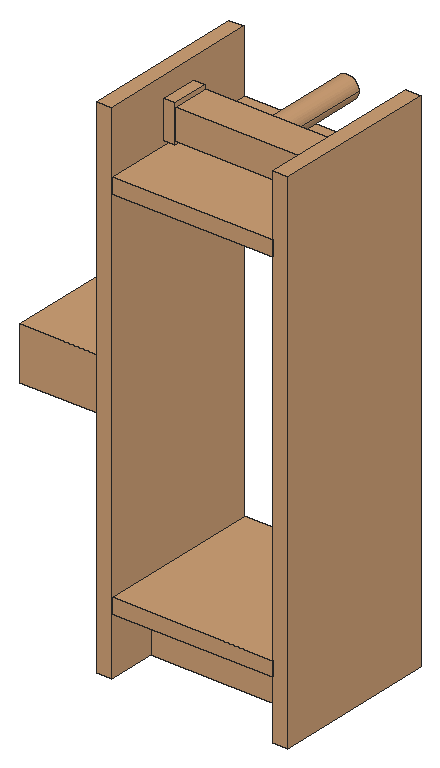
Revit family
Parameters
  Center Of Unit = 0' - 0"  # constant formula
  Water Pressure Drop [instance] = 0.00 psi
  Water Flow [instance] = 0 GPM
  Unit Weight (lbs) = 283
  URL = "http://www.ljwing.com/"
  Water Outlet Radius = 0' - 1 1/2"
  Water Outlet Odd sizes = 0' - 0"
  Total Heating Capacity [instance] = 0.0 Btu/h
  Temperature Rise [instance] = 0 °F
  Series = "VIFB"
  Outlet Area = 7.15 SF
  Number of Rows = 1  # constant formula
  Number of Coils [instance] = 0
  Nominal Length = 2' - 1 7/16"
  Model = "VC-2"
  Manufacturer = "LJ Wing"
  Leaving Water Temperature [instance] = 0 °F
  Leaving Air Temperature [instance] = 0 °F
  Face Velocity (FPM) [instance] = 0
  Entering Water Temperature [instance] = 0 °F
  Entering Air Temperature [instance] = 0 °F
  Description = "Vertical Integral Face & Bypass Water Heating Coils"
  Hot Water Odd Sizes = 0' - 0"
  Hot Water Inlet Offset = 0' - 4 3/8"  # constant formula
  Hot Water Inlet  Radius = 0' - 1 1/2"
  Coil Face Area = Outlet Area * 0.56  # 4.004 SF
  Casing Material = ""
  Assembly Code = "D3020300"
  Air Pressure Drop [instance] = 0.00 in-wg
  Air Inlet Width = Nominal Length - 0' 4"  # 1' - 9 7/16"
  Air Inlet Height = Y  # 4' - 0"
  Air Flow [instance] = 0 CFM
  Z = 0' - 3 3/4"
  Y = 4' - 0"
  S = 0' - 9 3/4"
  Product URL = "http://www.ljwing.com/html/vifb.asp"
  OmniClass = "23-75 70 21 14"
  Nominal Height = 5' - 8"
  Nominal Depth = 1' - 10"
  R = 0' - 10 1/4"
  Q = 0' - 3 23/32"
  P = 0' - 5 1/8"
  L = 0' - 5 15/16"
Reference planes (in)
  plane 1 "Center (Front/Back)": y = 0
  plane 2: z = -24
  plane 3 "Center (Left/Right)": x = 0
  plane 4: z = 34.25
  plane 5: x = -12.71875
  plane 6: x = 12.71875
  plane 7: z = -33.75
  plane 8: z = 0
  plane 9: y = -11
  plane 10: y = 11
  plane 11: z = 24
  plane 12: z = 26
  plane 13: z = -26
  plane 14: x = 10.71875
  plane 15: x = -10.71875
  plane 16: z = 29.125
  plane 17: z = -27.8125
  plane 18: x = -9
  plane 19: x = 9
  plane 20: y = 14.75
  plane 21: y = 15.375
  plane 22: x = -23.71875
  plane 23: x = 0
  plane 24: x = 0
  plane 25: z = 31.125
  plane 26: z = 27.125
  plane 27: y = -2.5
  plane 28: y = 2.5
  plane 29: y = -4.5
Forms (in)
  Extrusion 1, solid, material "Painted Finish"
    sketch origin (0, 6, -9.75) x (1, 0, 0) y (0, 0, 1)
      loop
        line (-12.71875, -24) -> (-10.71875, -24) -> (-10.71875, 44) -> (-12.71875, 44) -> (-12.71875, -24)
      loop
        line (12.71875, -24) -> (12.71875, 44) -> (10.71875, 44) -> (10.71875, -24) -> (12.71875, -24)
    from -5 to 17
  Extrusion 2, solid, material "Painted Finish"
    sketch origin (0, 6, 0) x (1, 0, 0) y (0, 0, 1)
      loop
        line (10.71875, -24) -> (-10.71875, -24) -> (-10.71875, -26) -> (10.71875, -26) -> (10.71875, -24)
      loop
        line (10.71875, 24) -> (10.71875, 26) -> (-10.71875, 26) -> (-10.71875, 24) -> (10.71875, 24)
    from -5 to 17
  Extrusion 3, solid, material "Painted Finish"
    sketch origin (0, 10, -0.5) x (1, 0, 0) y (0, 0, 1)
      loop
        line (-12.71875, 4) -> (-23.71875, 4) -> (-23.71875, -3) -> (-12.71875, -3) -> (-12.71875, 4)
    from 0 to 20
  Extrusion 4, solid, material "Painted Finish"
    sketch origin (0, 6, 0) x (1, 0, 0) y (0, 0, 1)
      loop
        line (-9.09375, 31.125) -> (-9.09375, 27.125) -> (9.09375, 27.125) -> (9.09375, 31.125) -> (-9.09375, 31.125)
    from 3.5 to 8.5
  Extrusion 5, solid, material "Painted Finish"
    sketch origin (0, 0, 0) x (1, 0, 0) y (0, 0, 1)
      loop
        line (-9.09375, 26.625) -> (-9.09375, 31.625) -> (-10.71875, 31.625) -> (-10.71875, 26.625) -> (-9.09375, 26.625)
      loop
        line (10.71875, 26.625) -> (10.71875, 31.625) -> (9.09375, 31.625) -> (9.09375, 26.625) -> (10.71875, 26.625)
    from -2.5 to 2.5
  Extrusion 6, solid, material "Painted Finish"
    sketch origin (0, 23, 0) x (1, 0, 0) y (0, 0, 1)
      loop
        circle (0, 29.125) r 1.5
    from 8.25 to 20.5
  Extrusion 7, solid, material "Painted Finish"
    sketch origin (0, 6, 0) x (1, 0, 0) y (0, 0, 1)
      loop
        line (-10.71875, -26) -> (-10.71875, -33.75) -> (10.71875, -33.75) -> (10.71875, -26) -> (-10.71875, -26)
    from -5 to 10.5
  Extrusion 8, solid, material "Painted Finish"
    sketch origin (0, 23, 0) x (1, 0, 0) y (0, 0, 1)
      loop
        circle (0, -27.8125) r 1.5
    from 7.625 to 12
  Extrusion 9, void
    sketch origin (0, 0, 0) x (1, 0, 0) y (0, 0, 1)
      loop
        line (-10.71875, 24) -> (-10.71875, -24) -> (10.71875, -24) -> (10.71875, 24) -> (-10.71875, 24)
    from -11 to 11
Cuts and joins
  Extrusion 9 cuts Extrusion 1
  Extrusion 9 cuts Extrusion 2
Dimensions and locks (in)
  "Nominal Length": plane 6 to plane 5
  equal spacing: plane 6, plane 3 "Center (Left/Right)", plane 5
  "S": plane 2 to plane 7
  "Nominal Depth": plane 10 to plane 9
  equal spacing: plane 10, plane 1 "Center (Front/Back)", plane 9
  "Y": plane 11 to plane 2
  "R": plane 4 to plane 11
  locked: plane 12 to plane 11 at 2
  locked: plane 2 to plane 13 at 2
  "P": plane 4 to plane 16
  "L": plane 17 to plane 7
  "Q": plane 18 to plane 5
  "Q": plane 6 to plane 19
  "Z": plane 20 to plane 10
  "Hot Water Inlet Offset": plane 21 to plane 10
  locked: plane 5 to plane 22 at 11
  locked: Extrusion 3 sketch curve to Extrusion 3 sketch curve at 7
  locked: Extrusion 3 to Extrusion 3 at 20
  locked: plane 6 to plane 14 at 2
  locked: plane 15 to plane 5 at 2
  "Water Outlet Odd sizes": plane 23 to plane 3 "Center (Left/Right)"
  "Hot Water Odd Sizes": plane 3 "Center (Left/Right)" to plane 24
  equal spacing: plane 25, plane 16, plane 26
  locked: Extrusion 5 sketch curve to plane 25 at 0.5
  locked: plane 26 to Extrusion 5 sketch curve at 0.5
  locked: Extrusion 6 sketch curve to plane 16 at 0
  locked: Extrusion 6 sketch curve to plane 23 at 0
  locked: Extrusion 8 sketch curve to plane 17 at 0
  locked: Extrusion 8 sketch curve to plane 24 at 0
  locked: plane 25 to plane 26 at 4
  locked: plane 28 to plane 27 at 5
  equal spacing: plane 28, plane 1 "Center (Front/Back)", plane 27
  locked: plane 27 to plane 29 at 2
  plane 4 to plane 7 = 5' - 8"
  locked: Extrusion 5 sketch curve to Extrusion 1 at 1.625
  locked: Extrusion 5 sketch curve to Extrusion 5 sketch curve at 1.625
  locked: Extrusion 9 sketch curve to plane 11 at 0
  locked: Extrusion 9 sketch curve to plane 15 at 0
  locked: Extrusion 9 sketch curve to plane 14 at 0
  locked: Extrusion 9 sketch curve to plane 2 at 0
  equal spacing: plane 11, plane 8, plane 2
  "Water Outlet Radius": radius of Extrusion 6 sketch curve
  "Hot Water Inlet  Radius": radius of Extrusion 8 sketch curve
  aligned and locked: Extrusion 1 to plane 9
  aligned and locked: Extrusion 1 to plane 10
  aligned and locked: plane 15 to Extrusion 1
  aligned and locked: Extrusion 1 to plane 14
  aligned and locked: Extrusion 2 to plane 9
  aligned and locked: plane 9 to Extrusion 1
  aligned and locked: plane 10 to Extrusion 1  (x2)
  aligned and locked: Extrusion 2 to plane 10
  aligned and locked: plane 10 to Extrusion 2  (x2)
  aligned and locked: plane 9 to Extrusion 2  (x2)
  aligned and locked: plane 5 to Extrusion 3
  aligned and locked: Extrusion 5 sketch curve to plane 15
  aligned and locked: Extrusion 5 sketch curve to Extrusion 4
  aligned and locked: Extrusion 6 to plane 20
  aligned and locked: Extrusion 1 to Extrusion 7
  aligned and locked: Extrusion 8 to plane 10
  aligned and locked: plane 21 to Extrusion 8
  aligned and locked: plane 27 to Extrusion 5
  aligned and locked: Extrusion 5 to Extrusion 4  (x2)
  aligned and locked: Extrusion 5 to plane 28
  aligned and locked: Extrusion 6 to Extrusion 4
  aligned and locked: Extrusion 7 to plane 29  (x2)
  aligned and locked: Extrusion 8 to Extrusion 7
  aligned and locked: Extrusion 4 to Extrusion 5  (x2)
  aligned and locked: Extrusion 5 to Extrusion 1  (x2)
  aligned and locked: plane 2 to Extrusion 2
  aligned and locked: plane 6 to Extrusion 1 sketch curve
  aligned and locked: plane 14 to Extrusion 1 sketch curve
  aligned and locked: Extrusion 1 sketch curve to plane 15
  aligned and locked: Extrusion 1 sketch curve to plane 5
  aligned and locked: plane 7 to Extrusion 1 sketch curve  (x2)
  aligned and locked: Extrusion 1 sketch curve to plane 4  (x2)
  aligned and locked: Extrusion 2 sketch curve to plane 11
  aligned and locked: Extrusion 2 sketch curve to plane 12
  aligned and locked: Extrusion 2 sketch curve to plane 14  (x2)
  aligned and locked: Extrusion 2 sketch curve to plane 15  (x2)
  aligned and locked: Extrusion 2 sketch curve to plane 13
  aligned and locked: plane 2 to Extrusion 2 sketch curve
  aligned and locked: plane 13 to Extrusion 7 sketch curve
  aligned and locked: Extrusion 7 sketch curve to plane 7
  aligned and locked: Extrusion 7 sketch curve to plane 14
  aligned and locked: plane 15 to Extrusion 7 sketch curve
  aligned and locked: cut or joined group of Extrusion 1, Extrusion 9 to plane 10
  aligned and locked: Extrusion 8 to plane 21
Automatic sketch dimensions
  Extrusion 3 sketch curve to plane 22 = 0' - 0"
  Extrusion 3 sketch curve to plane 5 = 0' - 0"
  plane 8 to Extrusion 3 sketch curve = 0' - 3 1/2"
  Extrusion 4 sketch curve to plane 25 = 0' - 0"
  Extrusion 4 sketch curve to plane 26 = 0' - 0"
  Extrusion 4 sketch curve to plane 18 = 0' - 0 3/32"
  plane 19 to Extrusion 4 sketch curve = 0' - 0 3/32"
  plane 26 to Extrusion 5 sketch curve = 0' - 0 1/2"
  Extrusion 5 sketch curve to plane 25 = 0' - 0 1/2"
Connectors (in)
  hvac at (0, -11, 0), driven by "Air Inlet Height", driven by "Air Inlet Width", driven by "Air Flow", driven by "Air Pressure Drop"
    settings: on Extrusion 9, index 1
  hvac at (0, 11, 0), driven by "Air Pressure Drop", driven by "Air Inlet Height", driven by "Air Inlet Width", driven by "Air Flow"
    settings: on Extrusion 9, index 2
  piping at (0, 14.75, 29.125), driven by "Water Flow", driven by "Water Outlet Radius", driven by "Water Pressure Drop"
    settings: on Extrusion 6, index 3
  piping at (0, 15.375, -27.8125), driven by "Water Flow", driven by "Water Pressure Drop", driven by "Hot Water Inlet  Radius"
    settings: on Extrusion 8, index 4
